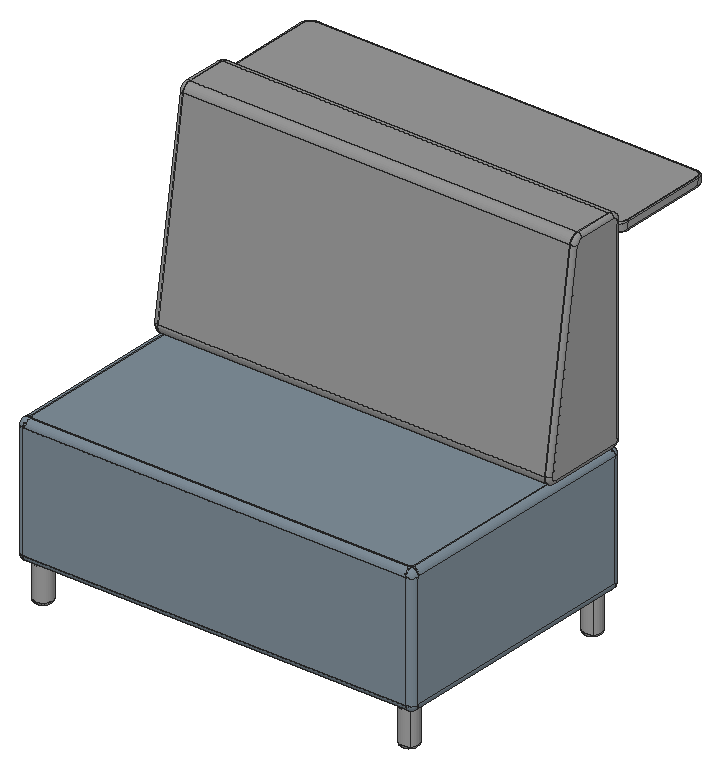
Revit family "2000CHBT Cocoon II Double", category Generic Models, Revit 2018
Family settings
  Can host rebar = No
  Round Connector Dimension = Use Diameter
  Part Type = Normal
  Work Plane-Based = No
  Always vertical = Yes
  Cut with Voids When Loaded = No
  Shared = No
  Room Calculation Point = No
Parameters
  Top Fabric = 2000CHBT Top Fabric
  Surface = 2000CHBT Surface
  Seat Fabric = 2000CHBT Bottom Fabric
  Edgeband = 2000CHBT Edgeband
Reference planes
  plane 1 "Center (Front/Back)": y = 0
  plane 2: z = 0
  plane 3 "Center (Left/Right)": x = 0
Forms (mm)
  Sweep 1, solid, material "2000CHBT Top Fabric" <- "Top Fabric"
    path origin (-628.125, -547.338, 901.7) x (1, 0, 0) y (0, 1, 0)
      loop
        line (69.325, 664.342) -> (1186.926, 664.342)
    profile origin (0, 117.004, 901.7) x (0, 1, 0) y (0, 0, 1)
      loop
        arc (0.38, -401.901) -> (6.11, -422.437) -> (25.467, -431.374) r 25.401
        line (25.467, -431.374) -> (232.81, -431.374)
        arc (232.81, -431.374) -> (250.658, -423.981) -> (258.051, -406.133) r 25.241
        line (258.051, -406.133) -> (258.051, 152.667)
        arc (258.051, 152.667) -> (250.562, 170.747) -> (232.482, 178.236) r 25.569
        line (232.482, 178.236) -> (115.981, 178.236)
        arc (115.981, 178.236) -> (99.667, 172.105) -> (91.143, 156.904) r 25.406
        line (91.143, 156.904) -> (0.38, -401.901)
  Extrusion 2, solid, material "2000CHBT Top Fabric" <- "Top Fabric"
    sketch origin (568.573, -10.079, 0) x (0, 1, 0) y (0, 0, 1)
      loop
        arc (139.97, 497.678) -> (142.875, 487.465) -> (152.522, 483.026) r 12.702
        line (152.522, 483.026) -> (359.914, 483.026)
        arc (359.914, 483.026) -> (368.76, 486.677) -> (372.457, 495.504) r 12.543
        line (372.457, 495.504) -> (372.457, 1054.432)
        arc (372.457, 1054.432) -> (368.664, 1063.49) -> (359.585, 1067.236) r 12.871
        line (359.585, 1067.236) -> (243.464, 1067.236)
        arc (243.464, 1067.236) -> (235.154, 1064.279) -> (230.771, 1056.625) r 12.709
        line (230.771, 1056.625) -> (139.97, 497.678)
    from -9.772 to 2.927
  Sweep 3, solid, material "2000CHBT Top Fabric" <- "Top Fabric"
    path origin (568.573, -10.079, 0) x (0, 1, 0) y (0, 0, 1)
      loop
        line (359.586, 1067.236) -> (243.464, 1067.236)
        arc (243.464, 1067.236) -> (235.154, 1064.279) -> (230.771, 1056.625) r 12.709
        line (230.771, 1056.625) -> (139.97, 497.678)
        arc (139.97, 497.678) -> (142.875, 487.465) -> (152.522, 483.026) r 12.702
        line (152.522, 483.026) -> (359.913, 483.026)
        arc (359.913, 483.026) -> (368.76, 486.676) -> (372.457, 495.504) r 12.543
        line (372.457, 495.504) -> (372.457, 1054.432)
        arc (372.457, 1054.432) -> (368.664, 1063.49) -> (359.586, 1067.236) r 12.871
    profile origin (568.573, 291.446, 1067.236) x (0, 0, -1) y (1, 0, 0)
      loop
        arc (-0.001, 2.927) -> (-8.981, -0.792) -> (-12.7, -9.772) r 12.699
        line (-12.7, -9.772) -> (-0.001, -9.772) -> (-0.001, 2.927)
  Extrusion 4, solid, material "2000CHBT Surface" <- "Surface"
    sketch origin (7.465, 0, 0) x (1, 0, 0) y (0, 1, 0)
      loop
        line (538.635, 676.467) -> (-553.565, 676.467)
        arc (-553.565, 676.467) -> (-569.405, 669.906) -> (-575.965, 654.067) r 22.4
        line (-575.965, 654.067) -> (-575.965, 400.067)
        arc (-575.965, 400.067) -> (-569.405, 384.228) -> (-553.565, 377.667) r 22.4
        line (-553.565, 377.667) -> (538.635, 377.667)
        arc (538.635, 377.667) -> (554.474, 384.228) -> (561.035, 400.067) r 22.4
        line (561.035, 400.067) -> (561.035, 654.067)
        arc (561.035, 654.067) -> (554.474, 669.906) -> (538.635, 676.467) r 22.4
    from 1016.397 to 1041.831
  Sweep 5, solid, material "2000CHBT Edgeband" <- "Edgeband"
    path origin (0, 0, 0) x (1, 0, 0) y (0, 1, 0)
      loop
        line (546.1, 676.467) -> (-546.1, 676.467)
        arc (-546.1, 676.467) -> (-561.939, 669.906) -> (-568.5, 654.067) r 22.4
        line (-568.5, 654.067) -> (-568.5, 400.067)
        arc (-568.5, 400.067) -> (-561.939, 384.228) -> (-546.1, 377.667) r 22.4
        line (-546.1, 377.667) -> (546.1, 377.667)
        arc (546.1, 377.667) -> (561.939, 384.228) -> (568.5, 400.067) r 22.4
        line (568.5, 400.067) -> (568.5, 654.067)
        arc (568.5, 654.067) -> (561.939, 669.906) -> (546.1, 676.467) r 22.4
    profile origin (0, 676.467, 0) x (0, -1, 0) y (0, 0, 1)
      loop
        line (0, 1016.397) -> (0, 1041.831)
        arc (0, 1041.831) -> (-2.564, 1040.769) -> (-3.627, 1038.204) r 3.627
        line (-3.627, 1038.204) -> (-3.627, 1020.024)
        arc (-3.627, 1020.024) -> (-2.564, 1017.459) -> (0, 1016.397) r 3.627
  Extrusion 6, solid, material "2000CHBT Legs"
    sketch origin (82.14, 143.164, 0) x (0, 1, 0) y (0, 0, -1)
      loop
        arc (447.436, -1016.431) -> (443.716, -1007.451) -> (434.736, -1003.731) r 12.7
        line (434.736, -1003.731) -> (269.636, -1003.731)
        arc (269.636, -1003.731) -> (251.675, -996.292) -> (244.236, -978.331) r 25.4
        line (244.236, -978.331) -> (244.236, -889.431)
        arc (244.236, -889.431) -> (240.516, -880.451) -> (231.536, -876.731) r 12.7
        line (231.536, -876.731) -> (231.536, -1016.431) -> (447.436, -1016.431)
    from 390.391 to 428.491
  Sweep 7, solid, material "2000CHBT Legs"
    path origin (-346.351, 590.625, 946.581) x (0, 1, 0) y (0, 0, -1)
      loop
        arc (-215.925, 69.85) -> (-206.945, 66.13) -> (-203.225, 57.15) r 12.7
        line (-203.225, 57.15) -> (-203.225, -31.75)
        arc (-203.225, -31.75) -> (-195.786, -49.711) -> (-177.825, -57.15) r 25.4
        line (-177.825, -57.15) -> (-12.725, -57.15)
        arc (-12.725, -57.15) -> (-3.745, -60.87) -> (-0.025, -69.85) r 12.7
    profile origin (-346.351, 495.349, 1003.731) x (0, 0, -1) y (-1, 0, 0)
      loop
        line (0, 0) -> (0, -38.1)
        arc (0, -38.1) -> (8.98, -34.38) -> (12.7, -25.4) r 12.7
        line (12.7, -25.4) -> (12.7, -12.7)
        arc (12.7, -12.7) -> (8.98, -3.72) -> (0, 0) r 12.7
  Extrusion 8, solid, material "2000CHBT Bottom Fabric" <- "Seat Fabric"
    sketch origin (-3.175, 0, 0) x (1, 0, 0) y (0, 1, 0)
      loop
        line (-568.325, 355.6) -> (-568.325, -355.6)
        arc (-568.325, -355.6) -> (-562.745, -369.07) -> (-549.275, -374.65) r 19.05
        line (-549.275, -374.65) -> (555.625, -374.65)
        arc (555.625, -374.65) -> (569.095, -369.07) -> (574.675, -355.6) r 19.05
        line (574.675, -355.6) -> (574.675, 355.601)
        arc (574.675, 355.601) -> (569.095, 369.071) -> (555.625, 374.651) r 19.05
        line (555.625, 374.651) -> (-549.258, 374.667)
        arc (-549.258, 374.667) -> (-562.74, 369.083) -> (-568.325, 355.6) r 19.067
    from 121.076 to 451.276
  Sweep 9, solid, material "2000CHBT Bottom Fabric" <- "Seat Fabric"
    path origin (-288.925, 0, 0) x (1, 0, 0) y (0, 1, 0)
      loop
        line (-263.525, -355.6) -> (841.375, -355.6)
    profile origin (0, -355.6, 0) x (0, 1, 0) y (0, 0, 1)
      loop
        line (0, 451.276) -> (0, 470.326)
        arc (0, 470.326) -> (-13.47, 464.746) -> (-19.05, 451.276) r 19.05
        line (-19.05, 451.276) -> (0, 451.276)
  Sweep 10, solid, material "2000CHBT Bottom Fabric" <- "Seat Fabric"
    path origin (-295.275, 0, 0) x (1, 0, 0) y (0, 1, 0)
      loop
        line (-257.175, 355.6) -> (-257.175, -355.6)
    profile origin (-552.45, 0, 0) x (1, 0, 0) y (0, 0, 1)
      loop
        line (0, 451.276) -> (0, 470.326)
        arc (0, 470.326) -> (-13.47, 464.746) -> (-19.05, 451.276) r 19.05
        line (-19.05, 451.276) -> (0, 451.276)
  Extrusion 11, solid, material "2000CHBT Bottom Fabric" <- "Seat Fabric"
    sketch origin (-3.175, 0, 921.602) x (0, -1, 0) y (1, 0, 0)
      loop
        line (-355.6, -549.275) -> (355.6, -549.275) -> (355.6, 555.625) -> (-355.6, 555.625) -> (-355.6, -549.275)
    from -470.326 to -451.276
  Revolve 12, solid, material "2000CHBT Bottom Fabric" <- "Seat Fabric"
    sketch origin (-15.811, -355.601, 572.352) x (1, 0, 0) y (0, 0, 1)
      loop
        line (-555.697, -121.076) -> (-536.647, -121.076) -> (-536.647, -102.026)
        arc (-536.647, -102.026) -> (-550.118, -107.606) -> (-555.697, -121.076) r 19.05
      axis (-536.647, -121.076) -> (-536.647, -102.026)
    angle from 0 to 360
  Revolve 13, solid, material "2000CHBT Legs"
    sketch origin (-156.002, 690.598, 0) x (0.704724, 0.709482, 0) y (0, 0, -1)
      loop
        line (-520.7, -102.026) -> (-495.3, -102.026) -> (-495.3, -6.35)
        arc (-495.3, -6.35) -> (-497.16, -1.86) -> (-501.65, 0) r 6.35
        line (-501.65, 0) -> (-520.7, 0) -> (-520.7, -102.026)
      axis (-520.7, -102.026) -> (-520.7, 0)
    angle from 0 to 360
  Revolve 14, solid, material "2000CHBT Bottom Fabric" <- "Seat Fabric"
    sketch origin (15.803, -355.601, 572.352) x (-1, 0, 0) y (0, 0, -1)
      loop
        arc (-555.697, 121.076) -> (-550.118, 107.606) -> (-536.647, 102.026) r 19.05
        line (-536.647, 102.026) -> (-536.647, 121.076) -> (-555.697, 121.076)
      axis (-536.647, 121.076) -> (-536.647, 102.026)
    angle from 0 to 360
  Sweep 15, solid, material "2000CHBT Bottom Fabric" <- "Seat Fabric"
    path origin (295.275, 0, 0) x (-1, 0, 0) y (0, -1, 0)
      loop
        line (-257.175, -355.601) -> (-257.175, 355.6)
    profile origin (552.45, 0, 0) x (1, 0, 0) y (0, 0, 1)
      loop
        line (0, 451.276) -> (19.05, 451.276)
        arc (19.05, 451.276) -> (13.47, 464.746) -> (0, 470.326) r 19.05
        line (0, 470.326) -> (0, 451.276)
  Sweep 16, solid, material "2000CHBT Bottom Fabric" <- "Seat Fabric"
    path origin (-288.925, 0, 0) x (1, 0, 0) y (0, 1, 0)
      loop
        line (-263.525, 355.6) -> (841.375, 355.6)
    profile origin (0, 355.6, 0) x (0, 1, 0) y (0, 0, 1)
      loop
        line (0, 451.276) -> (19.05, 451.276)
        arc (19.05, 451.276) -> (13.47, 464.746) -> (0, 470.326) r 19.05
        line (0, 470.326) -> (0, 451.276)
  Revolve 17, solid, material "2000CHBT Bottom Fabric" <- "Seat Fabric"
    sketch origin (-15.811, 355.601, 572.352) x (1, 0, 0) y (0, 0, -1)
      loop
        arc (-555.697, 121.076) -> (-550.118, 107.606) -> (-536.647, 102.026) r 19.05
        line (-536.647, 102.026) -> (-536.647, 121.076) -> (-555.697, 121.076)
      axis (-536.647, 121.076) -> (-536.647, 102.026)
    angle from 0 to 360
  Revolve 18, solid, material "2000CHBT Bottom Fabric" <- "Seat Fabric"
    sketch origin (15.803, 355.601, 572.352) x (-1, 0, 0) y (0, 0, 1)
      loop
        line (-555.697, -121.076) -> (-536.647, -121.076) -> (-536.647, -102.026)
        arc (-536.647, -102.026) -> (-550.118, -107.606) -> (-555.697, -121.076) r 19.05
      axis (-536.647, -121.076) -> (-536.647, -102.026)
    angle from 0 to 360
  Sweep 19, solid, material "2000CHBT Bottom Fabric" <- "Seat Fabric"
    path origin (-288.925, 0, 572.352) x (0, -1, 0) y (1, 0, 0)
      loop
        line (355.6, -263.525) -> (355.6, 841.375)
    profile origin (0, -355.6, 572.352) x (0, 1, 0) y (0, 0, 1)
      loop
        line (0, -451.276) -> (-19.05, -451.276)
        arc (-19.05, -451.276) -> (-13.47, -464.746) -> (0, -470.326) r 19.05
        line (0, -470.326) -> (0, -451.276)
  Sweep 20, solid, material "2000CHBT Bottom Fabric" <- "Seat Fabric"
    path origin (-295.275, 0, 572.352) x (0, -1, 0) y (1, 0, 0)
      loop
        line (-355.6, -257.175) -> (355.6, -257.175)
    profile origin (-552.45, 0, 572.352) x (1, 0, 0) y (0, 0, 1)
      loop
        line (0, -451.276) -> (-19.05, -451.276)
        arc (-19.05, -451.276) -> (-13.47, -464.746) -> (0, -470.326) r 19.05
        line (0, -470.326) -> (0, -451.276)
  Extrusion 21, solid, material "2000CHBT Bottom Fabric" <- "Seat Fabric"
    sketch origin (-3.175, 0, -349.25) x (1, 0, 0) y (0, 1, 0)
      loop
        line (-549.275, 355.6) -> (-549.275, -355.6) -> (555.625, -355.6) -> (555.625, 355.6) -> (-549.275, 355.6)
    from 451.276 to 470.326
  Revolve 22, solid, material "2000CHBT Bottom Fabric" <- "Seat Fabric"
    sketch origin (-15.811, -355.601, 0) x (1, 0, 0) y (0, 0, 1)
      loop
        arc (-555.697, 121.076) -> (-550.118, 107.606) -> (-536.647, 102.026) r 19.05
        line (-536.647, 102.026) -> (-536.647, 121.076) -> (-555.697, 121.076)
      axis (-536.647, 121.076) -> (-536.647, 102.026)
    angle from 0 to 360
  Revolve 23, solid, material "2000CHBT Bottom Fabric" <- "Seat Fabric"
    sketch origin (15.803, -355.601, 0) x (-1, 0, 0) y (0, 0, -1)
      loop
        line (-555.697, -121.076) -> (-536.647, -121.076) -> (-536.647, -102.026)
        arc (-536.647, -102.026) -> (-550.118, -107.606) -> (-555.697, -121.076) r 19.05
      axis (-536.647, -121.076) -> (-536.647, -102.026)
    angle from 0 to 360
  Sweep 24, solid, material "2000CHBT Bottom Fabric" <- "Seat Fabric"
    path origin (295.275, 0, 572.352) x (0, 1, 0) y (-1, 0, 0)
      loop
        line (355.601, -257.175) -> (-355.6, -257.175)
    profile origin (552.45, 0, 572.352) x (1, 0, 0) y (0, 0, 1)
      loop
        line (0, -451.276) -> (0, -470.326)
        arc (0, -470.326) -> (13.47, -464.746) -> (19.05, -451.276) r 19.05
        line (19.05, -451.276) -> (0, -451.276)
  Sweep 25, solid, material "2000CHBT Bottom Fabric" <- "Seat Fabric"
    path origin (-288.925, 0, 572.352) x (0, -1, 0) y (1, 0, 0)
      loop
        line (-355.6, -263.525) -> (-355.6, 841.375)
    profile origin (0, 355.6, 572.352) x (0, 1, 0) y (0, 0, 1)
      loop
        line (0, -451.276) -> (0, -470.326)
        arc (0, -470.326) -> (13.47, -464.746) -> (19.05, -451.276) r 19.05
        line (19.05, -451.276) -> (0, -451.276)
  Revolve 26, solid, material "2000CHBT Bottom Fabric" <- "Seat Fabric"
    sketch origin (-15.811, 355.601, 0) x (1, 0, 0) y (0, 0, -1)
      loop
        line (-555.697, -121.076) -> (-536.647, -121.076) -> (-536.647, -102.026)
        arc (-536.647, -102.026) -> (-550.118, -107.606) -> (-555.697, -121.076) r 19.05
      axis (-536.647, -121.076) -> (-536.647, -102.026)
    angle from 0 to 360
  Revolve 27, solid, material "2000CHBT Bottom Fabric" <- "Seat Fabric"
    sketch origin (15.803, 355.601, 0) x (-1, 0, 0) y (0, 0, 1)
      loop
        arc (-555.697, 121.076) -> (-550.118, 107.606) -> (-536.647, 102.026) r 19.05
        line (-536.647, 102.026) -> (-536.647, 121.076) -> (-555.697, 121.076)
      axis (-536.647, 121.076) -> (-536.647, 102.026)
    angle from 0 to 360
  Extrusion 28, solid, material "2000CHBT Legs"
    sketch origin (-69.44, 143.164, 0) x (0, 1, 0) y (0, 0, 1)
      loop
        line (447.436, 1016.431) -> (231.536, 1016.431) -> (231.536, 876.731)
        arc (231.536, 876.731) -> (240.516, 880.451) -> (244.236, 889.431) r 12.7
        line (244.236, 889.431) -> (244.236, 978.331)
        arc (244.236, 978.331) -> (251.675, 996.292) -> (269.636, 1003.731) r 25.4
        line (269.636, 1003.731) -> (434.736, 1003.731)
        arc (434.736, 1003.731) -> (443.716, 1007.451) -> (447.436, 1016.431) r 12.7
    from 390.391 to 428.491
  Sweep 29, solid, material "2000CHBT Legs"
    path origin (359.051, 590.625, 946.581) x (0, 1, 0) y (0, 0, 1)
      loop
        arc (-215.925, -69.85) -> (-206.945, -66.13) -> (-203.225, -57.15) r 12.7
        line (-203.225, -57.15) -> (-203.225, 31.75)
        arc (-203.225, 31.75) -> (-195.786, 49.711) -> (-177.825, 57.15) r 25.4
        line (-177.825, 57.15) -> (-12.725, 57.15)
        arc (-12.725, 57.15) -> (-3.745, 60.87) -> (-0.025, 69.85) r 12.7
    profile origin (359.051, 495.349, 1003.731) x (0, 0, 1) y (1, 0, 0)
      loop
        arc (0, 0) -> (-8.98, -3.72) -> (-12.7, -12.7) r 12.7
        line (-12.7, -12.7) -> (-12.7, -25.4)
        arc (-12.7, -25.4) -> (-8.98, -34.38) -> (0, -38.1) r 12.7
        line (0, -38.1) -> (0, 0)
  Extrusion 30, solid, material "2000CHBT Top Fabric" <- "Top Fabric"
    sketch origin (-568.573, -10.079, 0) x (0, 1, 0) y (0, 0, -1)
      loop
        line (139.97, -497.678) -> (230.771, -1056.625)
        arc (230.771, -1056.625) -> (235.154, -1064.279) -> (243.464, -1067.236) r 12.709
        line (243.464, -1067.236) -> (359.585, -1067.236)
        arc (359.585, -1067.236) -> (368.664, -1063.49) -> (372.457, -1054.432) r 12.871
        line (372.457, -1054.432) -> (372.457, -495.504)
        arc (372.457, -495.504) -> (368.76, -486.677) -> (359.914, -483.026) r 12.543
        line (359.914, -483.026) -> (152.522, -483.026)
        arc (152.522, -483.026) -> (142.875, -487.465) -> (139.97, -497.678) r 12.702
    from -9.772 to 2.927
  Sweep 31, solid, material "2000CHBT Top Fabric" <- "Top Fabric"
    path origin (-568.573, -10.079, 0) x (0, 1, 0) y (0, 0, -1)
      loop
        arc (359.586, -1067.236) -> (368.664, -1063.49) -> (372.457, -1054.432) r 12.871
        line (372.457, -1054.432) -> (372.457, -495.504)
        arc (372.457, -495.504) -> (368.76, -486.676) -> (359.913, -483.026) r 12.543
        line (359.913, -483.026) -> (152.522, -483.026)
        arc (152.522, -483.026) -> (142.875, -487.465) -> (139.97, -497.678) r 12.702
        line (139.97, -497.678) -> (230.771, -1056.625)
        arc (230.771, -1056.625) -> (235.154, -1064.279) -> (243.464, -1067.236) r 12.709
        line (243.464, -1067.236) -> (359.586, -1067.236)
    profile origin (-568.573, 291.446, 1067.236) x (0, 0, 1) y (-1, 0, 0)
      loop
        line (0.001, 2.927) -> (0.001, -9.772) -> (12.7, -9.772)
        arc (12.7, -9.772) -> (8.981, -0.792) -> (0.001, 2.927) r 12.699
  Revolve 32, solid, material "2000CHBT Legs"
    sketch origin (166.519, 690.598, 0) x (-0.704724, 0.709482, 0) y (0, 0, 1)
      loop
        line (-520.7, 102.026) -> (-520.7, 0) -> (-501.65, 0)
        arc (-501.65, 0) -> (-497.16, 1.86) -> (-495.3, 6.35) r 6.35
        line (-495.3, 6.35) -> (-495.3, 102.026) -> (-520.7, 102.026)
      axis (-520.7, 102.026) -> (-520.7, 0)
    angle from 0 to 360
  Revolve 33, solid, material "2000CHBT Legs"
    sketch origin (-156.002, 30.198, 0) x (0.704724, 0.709482, 0) y (0, 0, -1)
      loop
        line (-520.7, -102.026) -> (-495.3, -102.026) -> (-495.3, -6.35)
        arc (-495.3, -6.35) -> (-497.16, -1.86) -> (-501.65, 0) r 6.35
        line (-501.65, 0) -> (-520.7, 0) -> (-520.7, -102.026)
      axis (-520.7, -102.026) -> (-520.7, 0)
    angle from 0 to 360
  Revolve 34, solid, material "2000CHBT Legs"
    sketch origin (166.519, 30.198, 0) x (-0.704724, 0.709482, 0) y (0, 0, 1)
      loop
        line (-520.7, 102.026) -> (-520.7, 0) -> (-501.65, 0)
        arc (-501.65, 0) -> (-497.16, 1.86) -> (-495.3, 6.35) r 6.35
        line (-495.3, 6.35) -> (-495.3, 102.026) -> (-520.7, 102.026)
      axis (-520.7, 102.026) -> (-520.7, 0)
    angle from 0 to 360
Dimensions and locks
  aligned and locked: plane 2 to level
